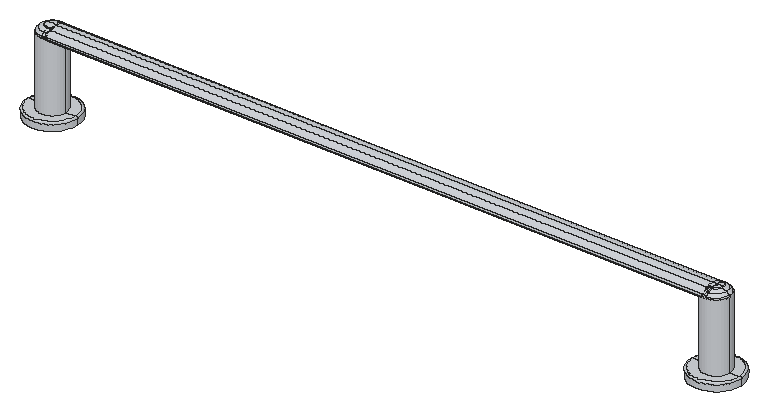
Revit family "Accessory-Towel_Bar-KOHLER-Kumin-K-97882M_1", category Specialty Equipment, host Face, Revit 2017
Family settings
  Host = Face
  Round Connector Dimension = Use Diameter
  Part Type = Normal
  OmniClass Number = 23.31.25.25
  OmniClass Title = Towel Bars
  Cut with Voids When Loaded = No
  Shared = No
  Room Calculation Point = No
Parameters (values of type "CP- Polished chrome")
  Width = 25 211/256"  # constant formula
  WaterSense Certified = 1 = 0  # no
  URL = "https://la.kohler.com/es?country=MX"
  Type = 1
  Product Page URL = "https://la.kohler.com/es/product-detail/97882m?skuid=K-97882M-CP"
  Product Name = "KUMIN"  # constant formula
  Product Documentation Link = "http://resources.kohler.com/plumbing/kohlerla/pdf/K-97882%20KUMIN%20Spec%20Sheet.pdf"
  Model = "K-97882M-CP"  # constant formula
  Material = "Premium Metal Construction"  # constant formula
  Master Format 2014 Name = "Toilet, Bath, and Laundry Accessories"  # constant formula
  Master Format 2014 = "10 28 00"  # constant formula
  Manufacturer Address = "KOHLER Co.444 Highland Dr.Kohler, WI 53044"  # constant formula
  Manufacturer = "KOHLER Co."  # constant formula
  Length = 3"  # constant formula
  Height = 1 207/256"  # constant formula
  Finish = Kohler-Metal-CP-Polished_Chrome
  Environmental Product Declaration = ""
  Description = "24-inch towel bar"  # constant formula
  Default Elevation = 42"
  Declare Label = ""
  Date Modified = "05/13/2021"  # constant formula
  Date Created = "05/13/2021"  # constant formula
  Copyright = "Copyright KOHLER Co."  # constant formula
  Contact Us = "https://la.kohler.com/es/contact-us-page"
  Assembly Code = "C1030200"
  ADA Compliant = 1 = 0  # no
Reference planes (in)
  plane 1 "Center (Front/Back)": y = 0
  plane 2: z = 0
  plane 3 "Center (Left/Right)": x = 0
  plane 4: z = 3
  plane 5: x = -12.00731
  plane 6: x = 12.00731
  plane 7: y = -0.90551
  plane 8: y = 0.90308
  plane 9: x = -12.91282
  plane 10: x = 12.9114
Dimensions and locks (in)
  locked: plane 5 to plane 6 at 24.01461
  plane 5 to plane 3 "Center (Left/Right)" to plane 6 = 12.00731", 12.00731"
  "Width": plane 9 to plane 10
  "Height": plane 7 to plane 8
  "Length": level to plane 4
  aligned and locked: plane 2 to host face
  aligned and locked: level to host face
  aligned and locked: plane 10 to nested 1
Automatic sketch dimensions
  host sketch curve to host sketch curve = 96"  (x2)
Nested families (in)
  nested 1: "K-97882M" at (-0.00167, 0, 0), type "K-97882M"
Definition of nested family "K-97882M"
  Parameters (values of type "K-97882T")
    Material = none
  Reference planes (in)
    plane 1 "Center (Front/Back)": y = 0
    plane 2: z = 0
    plane 3 "Center (Left/Right)": x = 0
    plane 4: x = 12.00756
    plane 5: x = -12.00731
    plane 6: z = 2.99213
    plane 7: x = 12.91307
    plane 8: x = 11.10204
    plane 9: x = -11.1018
    plane 10: x = -12.91282
  Forms (in)
    Revolve 1, solid, material <- "Material", detail levels medium+fine
      sketch origin (0, 0, 0) x (1, 0, 0) y (0, 0, 1)
        loop
          line (12.00756, 0) -> (12.91307, 0) -> (12.91307, 0.21654)
          arc (12.91307, 0.21654) -> (12.89577, 0.25829) -> (12.85401, 0.27559) r 0.05906
          line (12.85401, 0.27559) -> (12.49968, 0.27559) -> (12.49968, 2.73826)
          arc (12.49968, 2.73826) -> (12.49683, 2.75467) -> (12.48862, 2.76917) r 0.0487
          arc (12.48862, 2.76917) -> (12.44154, 2.82065) -> (12.38926, 2.86684) r 0.65527
          arc (12.38926, 2.86684) -> (12.3276, 2.90917) -> (12.26072, 2.94268) r 0.54559
          arc (12.26072, 2.94268) -> (12.24228, 2.9502) -> (12.22371, 2.9574) r 1.14608
          arc (12.22371, 2.9574) -> (12.1174, 2.9861) -> (12.00756, 2.99366) r 0.56577
          line (12.00756, 2.99366) -> (12.00756, 0)
        axis (12.00756, 2.99366) -> (12.00756, 0)
      angle from 0 to 360
    Extrusion 2, solid, material <- "Material", detail levels medium+fine
      sketch origin (0, 0, -0.00615) x (0, 1, 0) y (0, 0, 1)
        loop
          arc (0, 2.99213) -> (-0.13, 2.97897) -> (-0.25538, 2.94215) r 0.70845
          arc (-0.25538, 2.94215) -> (-0.36747, 2.87905) -> (-0.4587, 2.78839) r 0.47862
          arc (-0.4587, 2.78839) -> (-0.47089, 2.75005) -> (-0.45583, 2.71275) r 0.05933
          arc (-0.45583, 2.71275) -> (-0.40064, 2.65853) -> (-0.33892, 2.61187) r 0.59943
          arc (-0.33892, 2.61187) -> (-0.17691, 2.53691) -> (0, 2.51299) r 0.59943
          arc (0, 2.51299) -> (0.18062, 2.54135) -> (0.34626, 2.61876) r 0.65186
          arc (0.34626, 2.61876) -> (0.40438, 2.66215) -> (0.45654, 2.71255) r 0.57192
          arc (0.45654, 2.71255) -> (0.47265, 2.75255) -> (0.45868, 2.79335) r 0.06181
          arc (0.45868, 2.79335) -> (0.38907, 2.86292) -> (0.30708, 2.91734) r 0.49497
          arc (0.30708, 2.91734) -> (0.15819, 2.97382) -> (0, 2.99213) r 0.64521
      from -12.00572 to 12.02023
    Revolve 3, solid, material <- "Material", detail levels medium+fine
      sketch origin (0, 0, 0) x (-1, 0, 0) y (0, 0, 1)
        loop
          line (12.00731, 0) -> (12.91282, 0) -> (12.91282, 0.21654)
          arc (12.91282, 0.21654) -> (12.89552, 0.25829) -> (12.85376, 0.27559) r 0.05906
          line (12.85376, 0.27559) -> (12.49943, 0.27559) -> (12.49943, 2.73826)
          arc (12.49943, 2.73826) -> (12.49658, 2.75467) -> (12.48837, 2.76917) r 0.0487
          arc (12.48837, 2.76917) -> (12.44129, 2.82065) -> (12.38901, 2.86684) r 0.65527
          arc (12.38901, 2.86684) -> (12.32735, 2.90917) -> (12.26047, 2.94268) r 0.54559
          arc (12.26047, 2.94268) -> (12.24203, 2.9502) -> (12.22346, 2.9574) r 1.14608
          arc (12.22346, 2.9574) -> (12.11716, 2.9861) -> (12.00731, 2.99366) r 0.56577
          line (12.00731, 2.99366) -> (12.00731, 0)
        axis (12.00731, 2.99366) -> (12.00731, 0)
      angle from 0 to 360
    Revolve 4, solid, material <- "Material", detail levels coarse
      sketch origin (0, 0, 0) x (1, 0, 0) y (0, 0, 1)
        loop
          line (12.49968, 2.99213) -> (12.00756, 2.99213) -> (12.00756, 0) -> (12.91307, 0) -> (12.91307, 0.27559) -> (12.49968, 0.27559) -> (12.49968, 2.99213)
        axis (12.00756, 2.99213) -> (12.00756, 0)
      angle from -90 to 270
    Revolve 5, solid, material <- "Material", detail levels coarse
      sketch origin (0, 0, 0) x (-1, 0, 0) y (0, 0, 1)
        loop
          line (12.49943, 2.99213) -> (12.00731, 2.99213) -> (12.00731, 0) -> (12.91282, 0) -> (12.91282, 0.27559) -> (12.49943, 0.27559) -> (12.49943, 2.99213)
        axis (12.00731, 2.99213) -> (12.00731, 0)
      angle from -90 to 270
    Extrusion 6, solid, material <- "Material", detail levels coarse
      sketch origin (0, 0, 0) x (1, 0, 0) y (0, 0, 1)
        loop
          line (12.00756, 2.99213) -> (-11.94905, 2.99213) -> (-11.94905, 2.50677) -> (12.00756, 2.50677) -> (12.00756, 2.99213)
      from -0.47573 to 0.47607
  Cuts and joins
    joined: Revolve 4, Revolve 5, Extrusion 6
  Lines and regions (in)
    Masking region 1
      outline origin (0, 0, 0) x (1, 0, 0) y (0, 1, 0)
        loop
          arc (-11.23597, 0.47433) -> (-12.91282, 0.00001) -> (-11.23598, -0.47435) r 0.90551
          line (-11.23598, -0.47435) -> (0, -0.47435) -> (11.23623, -0.47435)
          arc (11.23623, -0.47435) -> (12.91307, 0.00001) -> (11.23622, 0.47433) r 0.90551
          line (11.23622, 0.47433) -> (0, 0.47433) -> (-11.23597, 0.47433)
    Masking region 2
      outline origin (0, 0, 0) x (1, 0, 0) y (0, 0, 1)
        loop
          line (12.91307, 0) -> (12.91307, 0.21663)
          arc (12.91307, 0.21663) -> (12.8958, 0.25832) -> (12.8541, 0.27559) r 0.05897
          line (12.8541, 0.27559) -> (12.49968, 0.27559) -> (12.49968, 2.73446)
          arc (12.49968, 2.73446) -> (12.49745, 2.75068) -> (12.49093, 2.76569) r 0.06008
          arc (12.49093, 2.76569) -> (12.38624, 2.86881) -> (12.2595, 2.94317) r 0.5958
          arc (12.2595, 2.94317) -> (12.17353, 2.97357) -> (12.08388, 2.9903) r 0.5877
          arc (12.08388, 2.9903) -> (12.04573, 2.99167) -> (12.00756, 2.99213) r 1.5967
          line (12.00756, 2.99213) -> (-12.00731, 2.99213)
          arc (-12.00731, 2.99213) -> (-12.04548, 2.99167) -> (-12.08364, 2.9903) r 1.5967
          arc (-12.08364, 2.9903) -> (-12.17328, 2.97357) -> (-12.25925, 2.94317) r 0.5877
          arc (-12.25925, 2.94317) -> (-12.38464, 2.86984) -> (-12.48856, 2.76836) r 0.5958
          arc (-12.48856, 2.76836) -> (-12.49664, 2.75379) -> (-12.49943, 2.73738) r 0.04958
          line (-12.49943, 2.73738) -> (-12.49943, 0.27559) -> (-12.85385, 0.27559)
          arc (-12.85385, 0.27559) -> (-12.89555, 0.25832) -> (-12.91282, 0.21663) r 0.05897
          line (-12.91282, 0.21663) -> (-12.91282, 0) -> (-11.1018, 0) -> (-11.1018, 0.21663)
          arc (-11.1018, 0.21663) -> (-11.11907, 0.25832) -> (-11.16076, 0.27559) r 0.05897
          line (-11.16076, 0.27559) -> (-11.51518, 0.27559) -> (-11.51518, 2.13498)
          arc (-11.51518, 2.13498) -> (-11.40629, 2.39787) -> (-11.14339, 2.50677) r 0.37179
          line (-11.14339, 2.50677) -> (11.14364, 2.50677)
          arc (11.14364, 2.50677) -> (11.40654, 2.39787) -> (11.51543, 2.13498) r 0.37179
          line (11.51543, 2.13498) -> (11.51543, 0.27559) -> (11.16101, 0.27559)
          arc (11.16101, 0.27559) -> (11.11931, 0.25832) -> (11.10204, 0.21663) r 0.05897
          line (11.10204, 0.21663) -> (11.10204, 0) -> (12.91307, 0)
    Masking region 3
      outline origin (0, 0, 0) x (0, 1, 0) y (0, 0, 1)
        loop
          line (-0.49213, 0.27559) -> (-0.84638, 0.27559)
          arc (-0.84638, 0.27559) -> (-0.88819, 0.25827) -> (-0.90551, 0.21646) r 0.05913
          line (-0.90551, 0.21646) -> (-0.90551, 0) -> (0, 0) -> (0.90551, 0) -> (0.90551, 0.21646)
          arc (0.90551, 0.21646) -> (0.88819, 0.25827) -> (0.84638, 0.27559) r 0.05913
          line (0.84638, 0.27559) -> (0.49213, 0.27559) -> (0.49213, 2.73876)
          arc (0.49213, 2.73876) -> (0.4894, 2.75451) -> (0.48153, 2.76841) r 0.04676
          arc (0.48153, 2.76841) -> (0.38972, 2.85936) -> (0.28118, 2.9295) r 0.62558
          arc (0.28118, 2.9295) -> (0.14454, 2.97856) -> (0, 2.99213) r 0.57959
          arc (0, 2.99213) -> (-0.14454, 2.97856) -> (-0.28118, 2.9295) r 0.57959
          arc (-0.28118, 2.9295) -> (-0.38972, 2.85936) -> (-0.48153, 2.76841) r 0.62558
          arc (-0.48153, 2.76841) -> (-0.4894, 2.75451) -> (-0.49213, 2.73876) r 0.04676
          line (-0.49213, 2.73876) -> (-0.49213, 0.27559)
    symbolic lines, detail levels medium+fine
      curve 1: line (-11.23597, 0.47433, 0) -> (-11.60732, 0.47433, 0)
      curve 2: line (-11.60732, 0.47433, 0) -> (-12.00731, 0.49213, 0)
      curve 3: arc (-12.00731, 0.49213, 0) -> (-12.35529, 0.34799, 0) -> (-12.49943, 0, 0) r 0.49213
      curve 4: line (-11.23597, -0.47433, 0) -> (-11.60732, -0.47433, 0)
      curve 5: line (-11.60732, -0.47433, 0) -> (-12.00731, -0.49213, 0)
      curve 6: arc (-12.00731, -0.49213, 0) -> (-12.35529, -0.34799, 0) -> (-12.49943, 0, 0) r 0.49213
      curve 7: line (11.23622, 0.47433, 0) -> (11.60757, 0.47433, 0)
      curve 8: line (11.60757, 0.47433, 0) -> (12.00756, 0.49213, 0)
      curve 9: arc (12.00756, 0.49213, 0) -> (12.35554, 0.34799, 0) -> (12.49968, 0, 0) r 0.49213
      curve 10: line (11.23622, -0.47433, 0) -> (11.65414, -0.47433, 0)
      curve 11: arc (12.00756, -0.49213, 0) -> (12.35554, -0.34799, 0) -> (12.49968, 0, 0) r 0.49213
      curve 12: line (12.00756, -0.49213, 0) -> (11.73473, -0.47839, 0)
      curve 13: line (11.73473, -0.47839, 0) -> (11.65414, -0.47433, 0)
      curve 14: line (-11.23597, 0.45899, 0) -> (-11.60813, 0.45899, 0)
      curve 15: line (-11.60813, 0.45899, 0) -> (-12.00765, 0.47677, 0)
      curve 16: arc (-12.00765, 0.47677, 0) -> (-12.34456, 0.33701, 0) -> (-12.48408, 0, 0) r 0.47677
      curve 17: arc (-12.00765, -0.47677, 0) -> (-12.34456, -0.33701, 0) -> (-12.48408, 0, 0) r 0.47677
      curve 18: line (-11.23597, -0.45899, 0) -> (-11.60813, -0.45899, 0)
      curve 19: line (-11.60813, -0.45899, 0) -> (-12.00765, -0.47677, 0)
      curve 20: line (11.23622, -0.45897, 0) -> (11.65452, -0.45897, 0)
      curve 21: line (11.7355, -0.46305, 0) -> (11.65452, -0.45897, 0)
      curve 22: line (12.00794, -0.47677, 0) -> (11.7355, -0.46305, 0)
      curve 23: arc (12.00794, -0.47677, 0) -> (12.34482, -0.33699, 0) -> (12.48433, 0, 0) r 0.47677
      curve 24: arc (12.00794, 0.47677, 0) -> (12.34482, 0.33699, 0) -> (12.48433, 0, 0) r 0.47677
      curve 25: line (11.23622, 0.45897, 0) -> (11.65452, 0.45897, 0)
      curve 26: line (11.7355, 0.46305, 0) -> (11.65452, 0.45897, 0)
      curve 27: line (12.00794, 0.47677, 0) -> (11.7355, 0.46305, 0)
      curve 28: line (11.23622, 0.45897, 0) -> (-11.23908, 0.45897, 0)
      curve 29: line (11.23622, -0.45897, 0) -> (-11.23908, -0.45897, 0)
      curve 30: line (-12.00731, 0.49213, 0) -> (-12.00731, -0.49213, 0)
      curve 31: line (-10.76715, 0.47433, 0) -> (-10.76715, -0.47435, 0)
      curve 32: line (12.00756, 0.49213, 0) -> (12.00756, -0.49213, 0)
      curve 33: line (10.7674, 0.47433, 0) -> (10.7674, -0.47435, 0)
      curve 34: arc (-11.31644, 0.47433, 0) -> (-12.25562, 0.80039, 0) -> (-12.84533, 0, 0) r 0.83802
      curve 35: arc (-11.31644, -0.47433, 0) -> (-12.25562, -0.80039, 0) -> (-12.84533, 0, 0) r 0.83802
      curve 36: arc (11.31669, -0.47433, 0) -> (12.25587, -0.80039, 0) -> (12.84558, 0, 0) r 0.83802
      curve 37: arc (11.31669, 0.47433, 0) -> (12.25587, 0.80039, 0) -> (12.84558, 0, 0) r 0.83802
      curve 38: line (12.48475, 0, 2.77285) -> (12.0007, 0, 2.77285)
      curve 39: line (12.49968, 0, 2.73532) -> (11.99229, 0, 2.73532)
      curve 40: line (-12.49943, 0, 0.27559) -> (-11.51518, 0, 0.27559)
      curve 41: line (-12.91128, 0, 0.22835) -> (-11.10334, 0, 0.22835)
      curve 42: line (11.10359, 0, 0.22835) -> (12.91152, 0, 0.22835)
      curve 43: arc (12.0007, 0, 2.77285) -> (11.80445, 0, 2.78964) -> (11.60757, 0, 2.7956) r 3.57678
      curve 44: arc (11.99229, 0, 2.73532) -> (11.97681, 0, 2.73575) -> (11.96138, 0, 2.73702) r 0.28224
      curve 45: arc (11.96138, 0, 2.73702) -> (11.78471, 0, 2.7225) -> (11.60755, 0, 2.71621) r 3.80986
      curve 46: line (11.60755, 0, 2.71621) -> (-0.02243, 0, 2.71621)
      curve 47: line (11.60757, 0, 2.7956) -> (-0.03439, 0, 2.7956)
      curve 48: arc (11.96833, 0, 2.77637) -> (11.95797, 0, 2.75774) -> (11.96359, 0, 2.73718) r 0.02822
      curve 49: line (11.60757, 0, 2.7956) -> (11.60757, 0, 2.71621)
      curve 50: arc (11.60757, 0, 2.71621) -> (11.33558, 0, 2.62581) -> (11.07485, 0, 2.50677) r 2.66911
      curve 51: arc (11.96359, 0, 2.73718) -> (11.85797, 0, 2.65637) -> (11.77704, 0, 2.55085) r 0.50638
      curve 52: arc (11.77704, 0, 2.55085) -> (11.71801, 0, 2.45112) -> (11.6631, 0, 2.34907) r 2.84104
      curve 53: arc (11.6631, 0, 2.34907) -> (11.59209, 0, 2.13669) -> (11.51543, 0, 1.92629) r 8.37314
      curve 54: line (-12.4845, 0, 2.77285) -> (-12.00045, 0, 2.77285)
      curve 55: line (-12.49943, 0, 2.73532) -> (-11.99204, 0, 2.73532)
      curve 56: arc (-12.00045, 0, 2.77285) -> (-11.8042, 0, 2.78964) -> (-11.60732, 0, 2.7956) r 3.57678
      curve 57: arc (-11.99204, 0, 2.73532) -> (-11.97657, 0, 2.73575) -> (-11.96113, 0, 2.73702) r 0.28224
      curve 58: arc (-11.96113, 0, 2.73702) -> (-11.78446, 0, 2.7225) -> (-11.6073, 0, 2.71621) r 3.80986
      curve 59: line (-11.6073, 0, 2.71621) -> (-0.02243, 0, 2.71621)
      curve 60: line (-11.60732, 0, 2.7956) -> (-0.03439, 0, 2.7956)
      curve 61: arc (-11.96809, 0, 2.77637) -> (-11.95772, 0, 2.75774) -> (-11.96334, 0, 2.73718) r 0.02822
      curve 62: line (-11.60732, 0, 2.7956) -> (-11.60732, 0, 2.71621)
      curve 63: arc (-11.60732, 0, 2.71621) -> (-11.33533, 0, 2.62581) -> (-11.07461, 0, 2.50677) r 2.66911
      curve 64: arc (-11.96334, 0, 2.73718) -> (-11.85772, 0, 2.65637) -> (-11.77679, 0, 2.55085) r 0.50638
      curve 65: arc (-11.77679, 0, 2.55085) -> (-11.71776, 0, 2.45112) -> (-11.66285, 0, 2.34907) r 2.84104
      curve 66: arc (-11.66285, 0, 2.34907) -> (-11.59184, 0, 2.1367) -> (-11.51518, 0, 1.9263) r 8.37291
      curve 67: line (12.49968, 0, 0.27559) -> (11.51543, 0, 0.27559)
      curve 68: line (12.00756, 0, 2.73532) -> (12.00756, 0, 2.99213)
      curve 69: line (10.7674, 0, 2.99213) -> (10.7674, 0, 2.50677)
      curve 70: line (-12.00731, 0, 2.73532) -> (-12.00731, 0, 2.99213)
      curve 71: line (-10.76715, 0, 2.99213) -> (-10.76715, 0, 2.50677)
      curve 72: line (0, -0.49213, 0.27559) -> (0, 0.49213, 0.27559)
      curve 73: line (0, -0.90551, 0.21646) -> (0, 0.90551, 0.21646)
      curve 74: line (0, -0.49213, 2.73876) -> (0, 0.49213, 2.73876)
      curve 75: line (0, 0.48153, 2.76841) -> (0, -0.48153, 2.76841)
  Dimensions and locks (in)
    plane 5 to plane 4 = 24.01486"
    level to plane 6 = 2.99213"
    plane 8 to plane 7 = 1.81102"
    aligned and locked: plane 2 to level
  Automatic sketch dimensions
    curve 3 to curve 6 = 0"  (x2)
    curve 3 to curve 16 = 0"  (x2)
    curve 3 to curve 17 = 0"  (x2)
    curve 3 to curve 34 = 0"  (x2)
    curve 3 to curve 35 = 0"  (x2)
    curve 6 to curve 16 = 0"  (x2)
    curve 6 to curve 17 = 0"  (x2)
    curve 6 to curve 34 = 0"  (x2)
    curve 6 to curve 35 = 0"  (x2)
    curve 9 to curve 11 = 0"  (x2)
    curve 9 to curve 23 = 0"  (x2)
    curve 9 to curve 24 = 0"  (x2)
    curve 9 to curve 36 = 0"  (x2)
    curve 9 to curve 37 = 0"  (x2)
    curve 11 to curve 23 = 0"  (x2)
    curve 11 to curve 24 = 0"  (x2)
    curve 11 to curve 36 = 0"  (x2)
    curve 11 to curve 37 = 0"  (x2)
    curve 16 to curve 17 = 0"  (x2)
    curve 16 to curve 34 = 0"  (x2)
    curve 16 to curve 35 = 0"  (x2)
    curve 17 to curve 34 = 0"  (x2)
    curve 17 to curve 35 = 0"  (x2)
    curve 23 to curve 24 = 0"  (x2)
    curve 23 to curve 36 = 0"  (x2)
    curve 23 to curve 37 = 0"  (x2)
    curve 24 to curve 36 = 0"  (x2)
    curve 24 to curve 37 = 0"  (x2)
    curve 34 to curve 35 = 0"  (x2)
    curve 36 to curve 37 = 0"  (x2)
    plane 1 "Center (Front/Back)" to curve 35 = 0"
    curve 5 to plane 5 = 0"
    plane 1 "Center (Front/Back)" to curve 11 = 0"
    curve 11 to plane 4 = 0"
    curve 19 to plane 5 = 0.00034"
    curve 15 to plane 5 = 0.00034"
    plane 5 to curve 15 = 0.39918"
    plane 5 to curve 18 = 0.39918"
    curve 18 to curve 4 = 0.00082"
    curve 14 to curve 2 = 0.00082"
    plane 8 to curve 20 = 0.13417"
    plane 8 to curve 28 = 0.13417"
    curve 25 to curve 7 = 0.37135"
    plane 4 to curve 13 = 0.35342"
    curve 7 to curve 26 = 0.04696"
    curve 10 to curve 21 = 0.00039"
    curve 10 to curve 12 = 0.08059"
    curve 12 to curve 22 = 0.00077"
    curve 25 to curve 27 = 0.08098"
    curve 27 to plane 4 = 0.00038"
    curve 22 to plane 4 = 0.00038"
    plane 1 "Center (Front/Back)" to curve 29 = 0.45897"
    curve 19 to curve 29 = 0.00002"
    curve 22 to curve 20 = 0.00408"
    curve 10 to curve 20 = 0.01535"
    curve 4 to curve 18 = 0.01533"
    curve 22 to curve 21 = 0.01372"
    curve 19 to curve 18 = 0.01778"
    curve 13 to curve 21 = 0.01533"
    curve 5 to curve 19 = 0.01535"
    curve 12 to curve 22 = 0.01535"
    curve 25 to curve 27 = 0.0178"
    curve 28 to curve 15 = 0.00002"
    curve 25 to curve 27 = 0.00408"
    curve 25 to curve 7 = 0.01535"
    curve 14 to curve 2 = 0.01533"
    plane 10 to curve 34 = 0.06749"
    curve 34 to curve 28 = 0.07736"
    curve 35 to curve 29 = 0.07736"
    curve 29 to curve 4 = 0.00312"
    curve 28 to curve 1 = 0.00312"
    curve 29 to curve 18 = 0.00312"
    curve 28 to curve 14 = 0.00312"
    curve 31 to plane 9 = 0.33465"
    curve 33 to plane 8 = 0.33465"
    curve 7 to curve 25 = 0"
    curve 10 to curve 20 = 0"
    curve 10 to curve 36 = 0.08047"
    curve 31 to curve 4 = 0.00002"
    curve 33 to curve 10 = 0.00002"
    curve 31 to curve 1 = 0"
    curve 33 to curve 7 = 0"
    level to curve 73 = 0.21646"
    plane 1 "Center (Front/Back)" to curve 73 = 0.90551"
    curve 73 to curve 72 = 0.41339"
    plane 1 "Center (Front/Back)" to curve 74 = 0.49213"
    curve 74 to curve 75 = 0.0106"
    curve 75 to plane 6 = 0.22372"
    curve 75 to plane 1 "Center (Front/Back)" = 0.48153"
    curve 75 to curve 74 = 0.0106"
    curve 72 to plane 1 "Center (Front/Back)" = 0.49213"
    curve 72 to curve 73 = 0.41339"
    level to curve 72 = 0.27559"
    curve 74 to curve 75 = 0.02965"
    curve 70 to plane 5 = 0"
    curve 71 to plane 6 = 0"
    curve 69 to plane 6 = 0"
    plane 4 to curve 68 = 0"
    curve 70 to plane 6 = 0"
    curve 68 to plane 6 = 0"
    curve 64 to plane 5 = 0.20826"
    level to curve 63 = 0.14178"
    curve 63 to plane 5 = 0.30464"
    curve 65 to plane 10 = 1.27885"
    plane 5 to curve 54 = 0.00686"
    plane 5 to curve 57 = 0.01526"
    curve 55 to curve 61 = 0.00631"
    curve 61 to curve 60 = 0.37842"
    curve 62 to curve 59 = 0"
    plane 5 to curve 56 = 0.40976"
    plane 5 to curve 58 = 0.44654"
    curve 66 to plane 3 "Center (Left/Right)" = 3.68727"
    curve 60 to plane 3 "Center (Left/Right)" = 0.03439"
    curve 59 to plane 3 "Center (Left/Right)" = 0.02243"
    plane 3 "Center (Left/Right)" to curve 53 = 3.68727"
    plane 4 to curve 45 = 0.44654"
    plane 4 to curve 43 = 0.40976"
    plane 4 to curve 46 = 0.40001"
    curve 45 to curve 49 = 0"  (x2)
    plane 4 to curve 48 = 0.02157"
    plane 4 to curve 44 = 0.01526"
    plane 4 to curve 38 = 0.00686"
    curve 51 to plane 4 = 0.20826"
    level to curve 50 = 0.14178"
    curve 50 to plane 4 = 0.30464"
    curve 52 to plane 7 = 1.27885"
    curve 43 to level = 0.78116"
    curve 56 to level = 0.78116"
    level to curve 52 = 1.05423"
    level to curve 65 = 1.05423"
    curve 51 to plane 6 = 0.69403"
    curve 64 to plane 6 = 0.69403"
    curve 59 to plane 6 = 0.27592"
    curve 59 to curve 62 = 0"
    curve 39 to curve 68 = 0.2568"
    curve 55 to curve 70 = 0.2568"
    curve 55 to curve 61 = 0.01903"
    curve 44 to curve 48 = 0.01903"
    curve 48 to curve 38 = 0.0185"
    plane 6 to curve 44 = 0.02543"
    plane 6 to curve 57 = 0.02543"
    plane 6 to curve 53 = 1.90559"
    plane 6 to curve 66 = 1.90559"
    plane 6 to curve 45 = 3.53365"
    plane 6 to curve 58 = 3.53365"
    plane 10 to curve 54 = 0.42832"
    curve 55 to curve 54 = 0.01494"
    curve 40 to curve 63 = 3/16"
    plane 10 to curve 41 = 0.00154"
    curve 61 to curve 61 = 0.01765"
    curve 61 to curve 57 = 0.0022"
    plane 5 to curve 65 = 0.23052"
    curve 64 to curve 65 = 0.11394"
    plane 9 to curve 40 = 0.41339"
    curve 66 to curve 66 = 0.14767"
    plane 9 to curve 41 = 0.00155"
    curve 63 to plane 9 = 0.02719"
    curve 63 to curve 71 = 0.30746"
    curve 69 to plane 8 = 0.33465"
    curve 50 to plane 8 = 0.02719"
    plane 8 to curve 42 = 0.00154"
    plane 8 to curve 53 = 0.41339"
    plane 8 to curve 67 = 0.41339"
    curve 53 to curve 52 = 0.14767"
    plane 4 to curve 52 = 0.23052"
    curve 45 to curve 48 = 0.0022"
    curve 48 to curve 48 = 0.01765"
    plane 7 to curve 38 = 0.42832"
    curve 50 to curve 67 = 3/16"
    curve 38 to curve 39 = 0.01494"
    plane 7 to curve 42 = 0.00154"
    level to curve 42 = 0.22835"
    level to curve 41 = 0.22835"
    curve 63 to curve 40 = 0.13381"
    level to curve 67 = 0.27559"
    curve 71 to curve 63 = 0"
    curve 69 to curve 50 = 0"
    plane 4 to Revolve 1 sketch curve = 0"  (x2)
    Revolve 1 sketch curve to level = 0"
    plane 7 to Revolve 1 sketch curve = 0"
    plane 4 to Revolve 1 sketch curve = 0.02537"
    plane 4 to Revolve 1 sketch curve = 0.1888"
    Revolve 1 sketch curve to plane 4 = 0.01624"
    Revolve 1 sketch curve to Revolve 1 sketch curve = 0.02653"
    Revolve 1 sketch curve to plane 4 = 0.44342"
    level to Revolve 1 sketch curve = 0.27559"
    plane 7 to Revolve 1 sketch curve = 0.41339"
    Revolve 1 sketch curve to Revolve 1 sketch curve = 0.05906"
    Revolve 1 sketch curve to Revolve 1 sketch curve = 0"  (x4)
    Revolve 1 sketch curve to plane 6 = 1.10688"
    Revolve 1 sketch curve to Revolve 1 sketch curve = 0.46809"
    Revolve 1 sketch curve to Revolve 1 sketch curve = 0.07478"
    Revolve 1 sketch curve to Revolve 1 sketch curve = 0.01117"
    Revolve 1 sketch curve to plane 6 = 0.25386"
    plane 6 to Revolve 1 sketch curve = 0.00154"
    Revolve 1 sketch curve to Revolve 1 sketch curve = 0.08473"
    Revolve 1 sketch curve to Revolve 1 sketch curve = 0.27457"
    Extrusion 2 sketch curve to Extrusion 2 sketch curve = 0"  (x8)
    Extrusion 2 sketch curve to plane 1 "Center (Front/Back)" = 0"  (x2)
    plane 1 "Center (Front/Back)" to Extrusion 2 sketch curve = 0.00902"
    plane 1 "Center (Front/Back)" to Extrusion 2 sketch curve = 0.00981"
    plane 1 "Center (Front/Back)" to Extrusion 2 sketch curve = 0.07876"
    plane 1 "Center (Front/Back)" to Extrusion 2 sketch curve = 0.4116"
    Extrusion 2 sketch curve to plane 1 "Center (Front/Back)" = 0.00551"
    Extrusion 2 sketch curve to plane 1 "Center (Front/Back)" = 0.00605"
    Extrusion 2 sketch curve to plane 1 "Center (Front/Back)" = 0.03386"
    Extrusion 2 sketch curve to plane 1 "Center (Front/Back)" = 0.07573"
    Extrusion 2 sketch curve to plane 1 "Center (Front/Back)" = 0.41086"
    Extrusion 2 sketch curve to plane 6 = 0.71457"
    Extrusion 2 sketch curve to Extrusion 2 sketch curve = 0.06324"
    Extrusion 2 sketch curve to Extrusion 2 sketch curve = 17/128"
    Extrusion 2 sketch curve to Extrusion 2 sketch curve = 0.01755"
    Extrusion 2 sketch curve to Extrusion 2 sketch curve = 0.18985"
    Extrusion 2 sketch curve to Extrusion 2 sketch curve = 0.16315"
    plane 6 to Extrusion 2 sketch curve = 0.09953"
    Extrusion 2 sketch curve to Extrusion 2 sketch curve = 0.01454"
    Extrusion 2 sketch curve to Extrusion 2 sketch curve = 0.05242"
    Extrusion 2 sketch curve to Extrusion 2 sketch curve = 0.07268"
    Extrusion 2 sketch curve to Extrusion 2 sketch curve = 0.04423"
    plane 1 "Center (Front/Back)" to Masking region 1 sketch curve = 0"  (x2)
    Masking region 1 sketch curve to plane 5 = 0"
    Masking region 1 sketch curve to plane 3 "Center (Left/Right)" = 0"  (x2)
    Masking region 1 sketch curve to plane 4 = 0"
    plane 9 to Masking region 1 sketch curve = 0.13419"
    plane 9 to Masking region 1 sketch curve = 0.13417"
    plane 8 to Masking region 1 sketch curve = 0.13417"
    plane 1 "Center (Front/Back)" to Masking region 1 sketch curve = 0.47435"
    Masking region 2 sketch curve to level = 0"  (x2)
    Masking region 2 sketch curve to plane 10 = 0"
    Masking region 2 sketch curve to plane 5 = 0"
    plane 9 to Masking region 2 sketch curve = 0"
    Masking region 2 sketch curve to plane 8 = 0"
    plane 4 to Masking region 2 sketch curve = 0"
    plane 7 to Masking region 2 sketch curve = 0"
    Masking region 2 sketch curve to plane 6 = 0"
    plane 10 to Masking region 2 sketch curve = 0.05897"
    plane 10 to Masking region 2 sketch curve = 0.41339"
    Masking region 2 sketch curve to Masking region 2 sketch curve = 0.04958"
    Masking region 2 sketch curve to plane 5 = 0.01612"
    Masking region 2 sketch curve to Masking region 2 sketch curve = 0.00249"  (x2)
    plane 9 to Masking region 2 sketch curve = 0.41339"
    plane 9 to Masking region 2 sketch curve = 0.05897"
    plane 9 to Masking region 2 sketch curve = 0.0416"
    plane 8 to Masking region 2 sketch curve = 0.0416"
    Masking region 2 sketch curve to Masking region 2 sketch curve = 0.05897"
    Masking region 2 sketch curve to Masking region 2 sketch curve = 0.37179"
    Masking region 2 sketch curve to plane 4 = 0.01363"
    Masking region 2 sketch curve to plane 4 = 0.43204"
    Masking region 2 sketch curve to Masking region 2 sketch curve = 0.06008"
    plane 7 to Masking region 2 sketch curve = 0.05897"
    Masking region 2 sketch curve to Masking region 2 sketch curve = 0.21663"
    level to Masking region 2 sketch curve = 0.21663"  (x3)
    Masking region 2 sketch curve to Masking region 2 sketch curve = 1.11983"  (x2)
    Masking region 2 sketch curve to plane 6 = 0.85715"
    Masking region 2 sketch curve to Masking region 2 sketch curve = 0.26105"  (x2)
    Masking region 2 sketch curve to Masking region 2 sketch curve = 0.00992"  (x2)
    Masking region 2 sketch curve to Masking region 2 sketch curve = 0.25766"
    Masking region 2 sketch curve to plane 6 = 0.25475"
    Masking region 2 sketch curve to Masking region 2 sketch curve = 0"
    Masking region 2 sketch curve to plane 6 = 0.04896"  (x2)
    Masking region 2 sketch curve to plane 6 = 0.00183"
    Revolve 3 sketch curve to plane 5 = 0"  (x2)
    Revolve 3 sketch curve to level = 0"
    Revolve 3 sketch curve to plane 10 = 0"
    Revolve 3 sketch curve to plane 5 = 0.02537"
    Revolve 3 sketch curve to plane 5 = 0.1888"
    plane 5 to Revolve 3 sketch curve = 0.01624"
    Revolve 3 sketch curve to Revolve 3 sketch curve = 0.02653"
    plane 5 to Revolve 3 sketch curve = 0.44342"
    Revolve 3 sketch curve to level = 0.27559"
    Revolve 3 sketch curve to plane 10 = 0.41339"
    Revolve 3 sketch curve to Revolve 3 sketch curve = 0.05906"
    Revolve 3 sketch curve to Revolve 3 sketch curve = 0"  (x4)
    plane 6 to Revolve 3 sketch curve = 1.10688"
    Revolve 3 sketch curve to Revolve 3 sketch curve = 0.46809"
    Revolve 3 sketch curve to Revolve 3 sketch curve = 0.07478"
    Revolve 3 sketch curve to Revolve 3 sketch curve = 0.01117"
    plane 6 to Revolve 3 sketch curve = 0.25386"
    Revolve 3 sketch curve to plane 6 = 0.00154"
    Revolve 3 sketch curve to Revolve 3 sketch curve = 0.08473"
    Revolve 3 sketch curve to Revolve 3 sketch curve = 0.27457"
    Masking region 3 sketch curve to level = 0"
    Masking region 3 sketch curve to plane 1 "Center (Front/Back)" = 0"  (x2)
    Masking region 3 sketch curve to plane 6 = 0"
    plane 1 "Center (Front/Back)" to Masking region 3 sketch curve = 0.00229"
    plane 1 "Center (Front/Back)" to Masking region 3 sketch curve = 0.01855"
    plane 1 "Center (Front/Back)" to Masking region 3 sketch curve = 0.44536"
    plane 1 "Center (Front/Back)" to Masking region 3 sketch curve = 0.49213"
    level to Masking region 3 sketch curve = 0.21646"  (x2)
    Masking region 3 sketch curve to Masking region 3 sketch curve = 0.35425"  (x2)
    Masking region 3 sketch curve to Masking region 3 sketch curve = 0.05913"  (x2)
    Masking region 3 sketch curve to plane 1 "Center (Front/Back)" = 0.00229"
    Masking region 3 sketch curve to plane 1 "Center (Front/Back)" = 0.01855"
    Masking region 3 sketch curve to plane 1 "Center (Front/Back)" = 0.44536"
    Masking region 3 sketch curve to plane 1 "Center (Front/Back)" = 0.49213"
    Masking region 3 sketch curve to plane 6 = 0.62029"
    Masking region 3 sketch curve to Masking region 3 sketch curve = 0"  (x6)
    Masking region 3 sketch curve to Masking region 3 sketch curve = 0.041"
    Masking region 3 sketch curve to Masking region 3 sketch curve = 0.19074"
    Masking region 3 sketch curve to plane 6 = 0.25336"
    plane 4 to Revolve 4 sketch curve = 0"  (x2)
    Revolve 4 sketch curve to level = 0"
    Revolve 4 sketch curve to plane 6 = 0"
    plane 7 to Revolve 4 sketch curve = 0"
    plane 7 to Revolve 4 sketch curve = 0.41339"
    level to Revolve 4 sketch curve = 0.27559"
    Revolve 4 sketch curve to plane 6 = 0.98392"
    Revolve 4 sketch curve to Revolve 4 sketch curve = 0.39403"
    Revolve 5 sketch curve to plane 5 = 0"  (x2)
    Revolve 5 sketch curve to level = 0"
    Revolve 5 sketch curve to plane 6 = 0"
    Revolve 5 sketch curve to plane 10 = 0"
    Revolve 5 sketch curve to Revolve 5 sketch curve = 0.41339"
    Revolve 5 sketch curve to level = 0.27559"
    plane 6 to Revolve 5 sketch curve = 0.98392"
    Revolve 5 sketch curve to Revolve 5 sketch curve = 0.39403"
    plane 5 to Extrusion 6 sketch curve = 0.05825"
    plane 4 to Extrusion 6 sketch curve = 0"
    Extrusion 6 sketch curve to plane 6 = 0"
    Extrusion 6 sketch curve to plane 6 = 0.48536"
